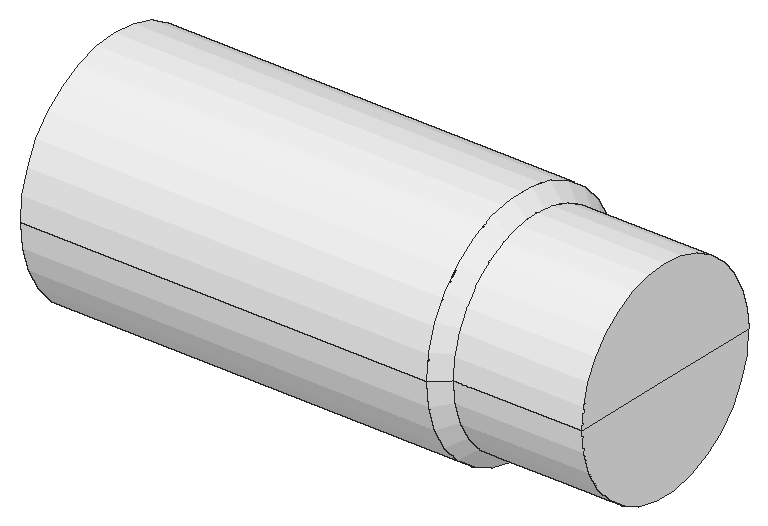
Revit family "Couplings-Dishwasher_Connector-Champion_Couplings-MI-FLEX-DISH", category Pipe Fittings, Revit 2014
Parameters (values of type "MI-FLEX-DISH-1 (1" x .75")")
  Width B = 0.920"
  Width A = 0.640"
  Waste Connection = no
  Warranty Information = "1 Year Warranty"  # constant formula
  Vent Connection = no
  URL = "http://www.mifab.com"
  Tick Size = Width A * 0.4  # 0.256"
  Standard Listings & Approval = "CSA Approved, U.P.C. Approved"  # constant formula
  Product Page URL = "http://www.mifab.com/Catalog/No_Hub_Couplings/MIFLEXDISH_DISHWASHER_CONNECTOR_.html"
  Product Documentation Link = "MIFAB® MI-FLEX-DISH-1 dishwasher connector is manufactured out of a flexible PVC compound that meets\r\nthe requirements of ASTM C-564. Two Type 300 stainless steel clamps tightened with 5/16” Type 300 stainless steel hex head\r\nscrews provide the sealing force."
  Price = "Prices may vary. Please consult Manufacturer Representative for most up-to-date price list."  # constant formula
  Pipe Size Description = "1” x 0.75\""
  Pipe Outlet Connection Diameter = 0.750"
  Pipe Inlet Connection Diameter = 1.000"
  Nominal Diameter = 0.500"
  Model = "MI-FLEX"
  Material = "Plastic-Champion Couplings-Flexible PVC"  # constant formula
  Masking Reg 2 = yes
  Masking Reg 1 = no
  Manufacturer = "Champion Couplings"  # constant formula
  List Price (Each Piece) = 3.5
  Nominal Height = 2.700"
  Height = 2.700"
  HW Connection = no
  Description = "MIFAB® Series MI-FLEX (specify size) of flexible rubber couplings are manufactured from an elastomeric\r\ncompound that meets the requirements of ASTM C-564 and 300 Series of stainless steel clamps tightened with 5/16” Type 300\r\nstainless steel hex head screws. MI-FLEX Series of flexible couplings are tested and certified to ASTM Standard 1173-2010\r\nand CSA Standard B602-2010 and listed with I.A.P.M.O."  # constant formula
  Creation Date = "\"2/17/2016\""
  Carton Quantity = "100"
  CW Connection = yes
  Assembly Code = "D2090800"
Types (3): name | Pipe Size Description | Pipe Outlet Connection Diameter
  (no name) | "1” x 0.75\"" | 0.750"
  MI-FLEX-DISH-1 (1" x 1") | "1” x 1”" | 1.000"
  MI-FLEX-DISH-1 (1" x .75") | "1” x 0.75\"" | 0.750"
Reference planes (in)
  plane 1 "Center (Front/Back)": y = 0
  plane 2: z = 0
  plane 3 "Center (Left/Right)": x = 0
  plane 4: x = -1.35
  plane 5: x = 1.35
  plane 6: x = 1.35
  plane 7: y = 0.32
  plane 8: y = -0.32
  plane 9: y = 0.25
  plane 10: y = -0.25
  plane 11: y = 0.32
  plane 12: y = -0.32
  plane 13: y = -0.25
  plane 14: y = 0.25
Forms (in)
  Revolve 1, solid, material "Plastic-Champion Couplings-Flexible PVC"
    sketch origin (0, 0, 0) x (1, 0, 0) y (0, 1, 0)
      loop
        line (1.35, 0.51094) -> (0.71571, 0.51094) -> (0.64571, 0.58094) -> (-1.35, 0.58094) -> (-1.35, 0) -> (1.35, 0) -> (1.35, 0.51094)
      axis (-1.35, 0) -> (1.35, 0)
    angle from 0 to 360
Lines and regions (in)
  Masking region 1, visible <- "Masking Reg 2", detail levels fine
    outline origin (0, 0, 0) x (1, 0, 0) y (0, 1, 0)
      loop
        line (1.35, 0.51094) -> (0.71571, 0.51094) -> (0.64571, 0.58094) -> (-1.35, 0.58094) -> (-1.35, -0.58094) -> (0.64571, -0.58094) -> (0.71571, -0.51094) -> (1.35, -0.51094) -> (1.35, 0.51094)
  model lines, detail levels coarse+medium
    curve 1: line (-1.35, 0.256, 0) -> (-1.35, -0.256, 0)
    curve 2: line (1.35, 0.256, 0) -> (1.35, -0.256, 0)
    curve 3: line (1.35, 0, 0) -> (-1.35, 0, 0)
Dimensions and locks (in)
  "Height": plane 4 to plane 5
  equal spacing: plane 4, plane 3 "Center (Left/Right)", plane 5
  "Tick Size": plane 1 "Center (Front/Back)" to curve 1
  "Tick Size": curve 1 to plane 1 "Center (Front/Back)"
  "Tick Size": plane 1 "Center (Front/Back)" to curve 2
  "Tick Size": curve 2 to plane 1 "Center (Front/Back)"
  "Nominal Height": plane 4 to plane 6
  "Width A": plane 8 to plane 7
  equal spacing: plane 8, plane 1 "Center (Front/Back)", plane 7
  "Nominal Diameter": plane 9 to plane 10
  equal spacing: plane 9, plane 1 "Center (Front/Back)", plane 10
  "Width A": plane 11 to plane 12
  "Nominal Diameter": plane 13 to plane 14
  equal spacing: plane 11, plane 1 "Center (Front/Back)", plane 12
  equal spacing: plane 13, plane 1 "Center (Front/Back)", plane 14
  aligned and locked: curve 3 to plane 1 "Center (Front/Back)"
  aligned and locked: curve 1 to plane 4
  aligned and locked: plane 5 to curve 2
  aligned and locked: plane 5 to Revolve 1 sketch curve
  aligned and locked: Revolve 1 sketch curve to plane 1 "Center (Front/Back)"
  aligned and locked: plane 5 to Masking region 1 sketch curve
Automatic sketch dimensions
  plane 1 "Center (Front/Back)" to Revolve 1 sketch curve = 0.000"
  Revolve 1 sketch curve to plane 4 = 0.000"
  Revolve 1 sketch curve to plane 7 = 0.26094"
  plane 3 "Center (Left/Right)" to Revolve 1 sketch curve = 0.64571"
  Revolve 1 sketch curve to plane 7 = 0.19094"
  Revolve 1 sketch curve to Revolve 1 sketch curve = 0.070"
  Revolve 1 sketch curve to Revolve 1 sketch curve = 0.250"
  Revolve 1 sketch curve to Revolve 1 sketch curve = 0.750"
  Masking region 1 sketch curve to plane 4 = 0.000"
  plane 12 to Masking region 1 sketch curve = 0.26094"
  plane 3 "Center (Left/Right)" to Masking region 1 sketch curve = 0.64571"  (x2)
  plane 11 to Masking region 1 sketch curve = 0.26094"
  plane 11 to Masking region 1 sketch curve = 0.19094"
  Masking region 1 sketch curve to Masking region 1 sketch curve = 0.070"  (x2)
  plane 12 to Masking region 1 sketch curve = 0.19094"
Connectors (in)
  piping at (1.35, 0, 0), diameter 0.75, driven by "Pipe Outlet Connection Diameter"
    settings: on Revolve 1, index 2, connector inside diameter 24", connector length 0.000", flow factor 0, pipe flow 0 GPM, pressure drop 0.00 psi, fitting loss kfactor 0, connector angle 0.00°, fixture units 0, engagement length 0.000", angle of deflection 0.00°, flow configuration 0, flow direction 0, fitting loss method 0, system type 28, joint type 0, gender type 0, connector reference index -1, connector utility 0, adjustable connector no, is connector primary yes, connector description ""
  piping at (-1.35, 0, 0), diameter 1, driven by "Pipe Inlet Connection Diameter"
    settings: on Revolve 1, index 3, connector inside diameter 24", connector length 0.000", flow factor 0, pipe flow 0 GPM, pressure drop 0.00 psi, fitting loss kfactor 0, connector angle 0.00°, fixture units 0, engagement length 0.000", angle of deflection 0.00°, flow configuration 0, flow direction 0, fitting loss method 0, system type 28, joint type 0, gender type 0, connector reference index -1, connector utility 0, adjustable connector no, is connector primary no, connector description ""
